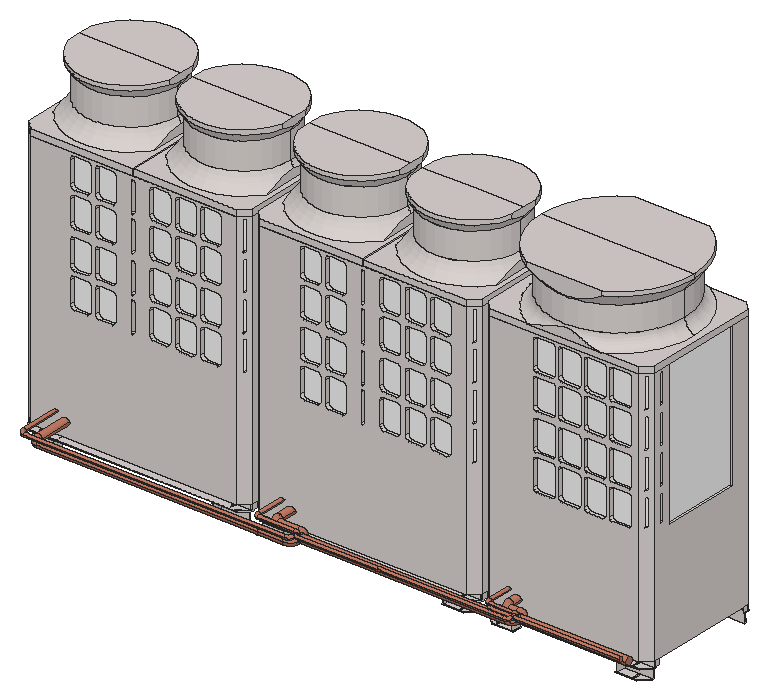
Revit family "PUHY-EP1000YSNW-A", category Mechanical Equipment, Revit 2012 (continued)
Definition of nested family "PUHY-EP250YNW-A"
  Forms (mm)
    Extrusion 7, void
      sketch origin (270, -370, -81) x (1, 0, 0) y (0, 0, -1)
        loop
          arc (-35, -1238.676) -> (-40.858, -1224.534) -> (-55, -1218.676) r 20
          line (-55, -1218.676) -> (-139.8, -1218.676)
          arc (-139.8, -1218.676) -> (-153.942, -1224.534) -> (-159.8, -1238.676) r 20
          line (-159.8, -1238.676) -> (-159.8, -1373.5)
          arc (-159.8, -1373.5) -> (-153.942, -1387.642) -> (-139.8, -1393.5) r 20
          line (-139.8, -1393.5) -> (-55, -1393.5)
      from 0 to 20
    Extrusion 8, void
      sketch origin (130, -370, -81) x (1, 0, 0) y (0, 0, -1)
        loop
          arc (-55, -1393.5) -> (-40.858, -1387.642) -> (-35, -1373.5) r 20
          line (-35, -1373.5) -> (-35, -1238.676)
          arc (-35, -1238.676) -> (-40.858, -1224.534) -> (-55, -1218.676) r 20
          line (-55, -1218.676) -> (-139.8, -1218.676)
          arc (-139.8, -1218.676) -> (-153.942, -1224.534) -> (-159.8, -1238.676) r 20
          line (-159.8, -1238.676) -> (-159.8, -1373.5)
          arc (-159.8, -1373.5) -> (-153.942, -1387.642) -> (-139.8, -1393.5) r 20
          line (-139.8, -1393.5) -> (-55, -1393.5)
      from 0 to 20
    Extrusion 9, void
      sketch origin (-10, -370, -81) x (1, 0, 0) y (0, 0, -1)
        loop
          arc (-55, -1393.5) -> (-40.858, -1387.642) -> (-35, -1373.5) r 20
          line (-35, -1373.5) -> (-35, -1238.676)
          arc (-35, -1238.676) -> (-40.858, -1224.534) -> (-55, -1218.676) r 20
          line (-55, -1218.676) -> (-139.8, -1218.676)
          arc (-139.8, -1218.676) -> (-153.942, -1224.534) -> (-159.8, -1238.676) r 20
          line (-159.8, -1238.676) -> (-159.8, -1373.5)
          arc (-159.8, -1373.5) -> (-153.942, -1387.642) -> (-139.8, -1393.5) r 20
          line (-139.8, -1393.5) -> (-55, -1393.5)
      from 0 to 20
    Extrusion 10, void
      sketch origin (410, -370, -287) x (1, 0, 0) y (0, 0, -1)
        loop
          arc (-55, -1393.5) -> (-40.858, -1387.642) -> (-35, -1373.5) r 20
          line (-35, -1373.5) -> (-35, -1238.676)
          arc (-35, -1238.676) -> (-40.858, -1224.534) -> (-55, -1218.676) r 20
          line (-55, -1218.676) -> (-139.8, -1218.676)
          arc (-139.8, -1218.676) -> (-153.942, -1224.534) -> (-159.8, -1238.676) r 20
          line (-159.8, -1238.676) -> (-159.8, -1373.5)
          arc (-159.8, -1373.5) -> (-153.942, -1387.642) -> (-139.8, -1393.5) r 20
          line (-139.8, -1393.5) -> (-55, -1393.5)
      from 0 to 20
    Extrusion 11, void
      sketch origin (270, -370, -287) x (1, 0, 0) y (0, 0, -1)
        loop
          arc (-55, -1393.5) -> (-40.858, -1387.642) -> (-35, -1373.5) r 20
          line (-35, -1373.5) -> (-35, -1238.676)
          arc (-35, -1238.676) -> (-40.858, -1224.534) -> (-55, -1218.676) r 20
          line (-55, -1218.676) -> (-139.8, -1218.676)
          arc (-139.8, -1218.676) -> (-153.942, -1224.534) -> (-159.8, -1238.676) r 20
          line (-159.8, -1238.676) -> (-159.8, -1373.5)
          arc (-159.8, -1373.5) -> (-153.942, -1387.642) -> (-139.8, -1393.5) r 20
          line (-139.8, -1393.5) -> (-55, -1393.5)
      from 0 to 20
    Extrusion 12, void
      sketch origin (130, -370, -287) x (1, 0, 0) y (0, 0, -1)
        loop
          arc (-55, -1393.5) -> (-40.858, -1387.642) -> (-35, -1373.5) r 20
          line (-35, -1373.5) -> (-35, -1238.676)
          arc (-35, -1238.676) -> (-40.858, -1224.534) -> (-55, -1218.676) r 20
          line (-55, -1218.676) -> (-139.8, -1218.676)
          arc (-139.8, -1218.676) -> (-153.942, -1224.534) -> (-159.8, -1238.676) r 20
          line (-159.8, -1238.676) -> (-159.8, -1373.5)
          arc (-159.8, -1373.5) -> (-153.942, -1387.642) -> (-139.8, -1393.5) r 20
          line (-139.8, -1393.5) -> (-55, -1393.5)
      from 0 to 20
    Extrusion 13, void
      sketch origin (-10, -370, -287) x (1, 0, 0) y (0, 0, -1)
        loop
          arc (-55, -1393.5) -> (-40.858, -1387.642) -> (-35, -1373.5) r 20
          line (-35, -1373.5) -> (-35, -1238.676)
          arc (-35, -1238.676) -> (-40.858, -1224.534) -> (-55, -1218.676) r 20
          line (-55, -1218.676) -> (-139.8, -1218.676)
          arc (-139.8, -1218.676) -> (-153.942, -1224.534) -> (-159.8, -1238.676) r 20
          line (-159.8, -1238.676) -> (-159.8, -1373.5)
          arc (-159.8, -1373.5) -> (-153.942, -1387.642) -> (-139.8, -1393.5) r 20
          line (-139.8, -1393.5) -> (-55, -1393.5)
      from 0 to 20
    Extrusion 14, void
      sketch origin (410, -370, -481) x (1, 0, 0) y (0, 0, -1)
        loop
          arc (-55, -1393.5) -> (-40.858, -1387.642) -> (-35, -1373.5) r 20
          line (-35, -1373.5) -> (-35, -1238.676)
          arc (-35, -1238.676) -> (-40.858, -1224.534) -> (-55, -1218.676) r 20
          line (-55, -1218.676) -> (-139.8, -1218.676)
          arc (-139.8, -1218.676) -> (-153.942, -1224.534) -> (-159.8, -1238.676) r 20
          line (-159.8, -1238.676) -> (-159.8, -1373.5)
          arc (-159.8, -1373.5) -> (-153.942, -1387.642) -> (-139.8, -1393.5) r 20
          line (-139.8, -1393.5) -> (-55, -1393.5)
      from 0 to 20
    Extrusion 15, void
      sketch origin (270, -370, -481) x (1, 0, 0) y (0, 0, -1)
        loop
          arc (-55, -1393.5) -> (-40.858, -1387.642) -> (-35, -1373.5) r 20
          line (-35, -1373.5) -> (-35, -1238.676)
          arc (-35, -1238.676) -> (-40.858, -1224.534) -> (-55, -1218.676) r 20
          line (-55, -1218.676) -> (-139.8, -1218.676)
          arc (-139.8, -1218.676) -> (-153.942, -1224.534) -> (-159.8, -1238.676) r 20
          line (-159.8, -1238.676) -> (-159.8, -1373.5)
          arc (-159.8, -1373.5) -> (-153.942, -1387.642) -> (-139.8, -1393.5) r 20
          line (-139.8, -1393.5) -> (-55, -1393.5)
      from 0 to 20
    Extrusion 16, void
      sketch origin (130, -370, -481) x (1, 0, 0) y (0, 0, -1)
        loop
          arc (-55, -1393.5) -> (-40.858, -1387.642) -> (-35, -1373.5) r 20
          line (-35, -1373.5) -> (-35, -1238.676)
          arc (-35, -1238.676) -> (-40.858, -1224.534) -> (-55, -1218.676) r 20
          line (-55, -1218.676) -> (-139.8, -1218.676)
          arc (-139.8, -1218.676) -> (-153.942, -1224.534) -> (-159.8, -1238.676) r 20
          line (-159.8, -1238.676) -> (-159.8, -1373.5)
          arc (-159.8, -1373.5) -> (-153.942, -1387.642) -> (-139.8, -1393.5) r 20
          line (-139.8, -1393.5) -> (-55, -1393.5)
      from 0 to 20
    Extrusion 17, void
      sketch origin (-10, -370, -481) x (1, 0, 0) y (0, 0, -1)
        loop
          arc (-55, -1393.5) -> (-40.858, -1387.642) -> (-35, -1373.5) r 20
          line (-35, -1373.5) -> (-35, -1238.676)
          arc (-35, -1238.676) -> (-40.858, -1224.534) -> (-55, -1218.676) r 20
          line (-55, -1218.676) -> (-139.8, -1218.676)
          arc (-139.8, -1218.676) -> (-153.942, -1224.534) -> (-159.8, -1238.676) r 20
          line (-159.8, -1238.676) -> (-159.8, -1373.5)
          arc (-159.8, -1373.5) -> (-153.942, -1387.642) -> (-139.8, -1393.5) r 20
          line (-139.8, -1393.5) -> (-55, -1393.5)
      from 0 to 20
    Extrusion 18, solid
      sketch origin (0, -189, -3) x (0, 0, -1) y (-1, 0, 0)
        loop
          circle (-179, 217) r 11.1
      from 0 to 150
    Extrusion 19, solid
      sketch origin (0, -172, -3) x (0, 0, -1) y (-1, 0, 0)
        loop
          circle (-179, 300) r 4.76
      from 0 to 150
    Extrusion 20, void
      sketch origin (-460, -320, 113) x (0, -1, 0) y (0, 0, -1)
        loop
          line (-611.5, -1236.511) -> (-611.5, -1386.5)
          arc (-611.5, -1386.5) -> (-601.5, -1396.5) -> (-591.5, -1386.5) r 10
          line (-591.5, -1386.5) -> (-591.5, -1236.511)
          arc (-591.5, -1236.511) -> (-601.5, -1226.511) -> (-611.5, -1236.511) r 10
      from 0 to 20
    Extrusion 21, void
      sketch origin (-460, -320, -87.006) x (0, -1, 0) y (0, 0, -1)
        loop
          line (-611.5, -1236.511) -> (-611.5, -1386.5)
          arc (-611.5, -1386.5) -> (-601.5, -1396.5) -> (-591.5, -1386.5) r 10
          line (-591.5, -1386.5) -> (-591.5, -1236.511)
          arc (-591.5, -1236.511) -> (-601.5, -1226.511) -> (-611.5, -1236.511) r 10
      from 0 to 20
    Extrusion 22, void
      sketch origin (-460, -320, -287.006) x (0, -1, 0) y (0, 0, -1)
        loop
          line (-611.5, -1236.511) -> (-611.5, -1386.5)
          arc (-611.5, -1386.5) -> (-601.5, -1396.5) -> (-591.5, -1386.5) r 10
          line (-591.5, -1386.5) -> (-591.5, -1236.511)
          arc (-591.5, -1236.511) -> (-601.5, -1226.511) -> (-611.5, -1236.511) r 10
      from 0 to 20
    Extrusion 23, void
      sketch origin (-460, -320, -479.506) x (0, -1, 0) y (0, 0, -1)
        loop
          line (-611.5, -1244.006) -> (-611.5, -1379.006)
          arc (-611.5, -1379.006) -> (-601.5, -1389.006) -> (-591.5, -1379.006) r 10
          line (-591.5, -1379.006) -> (-591.5, -1244.006)
          arc (-591.5, -1244.006) -> (-601.5, -1234.006) -> (-611.5, -1244.006) r 10
      from 0 to 20
    Extrusion 24, void
      sketch origin (-460, -320, 113) x (0, -1, 0) y (0, 0, -1)
        loop
          line (-543, -1408) -> (-215, -1408) -> (-215, -632) -> (-543, -632) -> (-543, -1408)
      from 0 to 20
    Extrusion 25, void
      sketch origin (-410, 370, 113) x (0.707107, 0.707107, 0) y (0, 0, 1)
        loop
          line (-27.158, 1236.539) -> (-27.158, 1386.461)
          arc (-27.158, 1386.461) -> (-37.158, 1396.461) -> (-47.158, 1386.461) r 10
          line (-47.158, 1386.461) -> (-47.158, 1236.539)
          arc (-47.158, 1236.539) -> (-37.158, 1226.539) -> (-27.158, 1236.539) r 10
        loop
          line (-27.158, 1036.539) -> (-27.158, 1186.461)
          arc (-27.158, 1186.461) -> (-37.158, 1196.461) -> (-47.158, 1186.461) r 10
          line (-47.158, 1186.461) -> (-47.158, 1036.539)
          arc (-47.158, 1036.539) -> (-37.158, 1026.539) -> (-27.158, 1036.539) r 10
        loop
          line (-27.158, 836.539) -> (-27.158, 986.461)
          arc (-27.158, 986.461) -> (-37.158, 996.461) -> (-47.158, 986.461) r 10
          line (-47.158, 986.461) -> (-47.158, 836.539)
          arc (-47.158, 836.539) -> (-37.158, 826.539) -> (-27.158, 836.539) r 10
        loop
          line (-27.158, 652.5) -> (-27.158, 785.5)
          arc (-27.158, 785.5) -> (-37.158, 795.5) -> (-47.158, 785.5) r 10
          line (-47.158, 785.5) -> (-47.158, 652.5)
          arc (-47.158, 652.5) -> (-37.158, 642.5) -> (-27.158, 652.5) r 10
      from 0 to 20
    Extrusion 26, void
      sketch origin (460, -320, 113) x (0.707107, 0.707107, 0) y (0, 0, -1)
        loop
          arc (-25.5, -1236.423) -> (-35.5, -1226.423) -> (-45.5, -1236.423) r 10
          line (-45.5, -1236.423) -> (-45.5, -1386.487)
          arc (-45.5, -1386.487) -> (-35.5, -1396.487) -> (-25.5, -1386.487) r 10
          line (-25.5, -1386.487) -> (-25.5, -1236.423)
      from 0 to 20
    Extrusion 27, void
      sketch origin (460, -320, -86.884) x (0.707107, 0.707107, 0) y (0, 0, -1)
        loop
          arc (-25.5, -1236.423) -> (-35.5, -1226.423) -> (-45.5, -1236.423) r 10
          line (-45.5, -1236.423) -> (-45.5, -1386.487)
          arc (-45.5, -1386.487) -> (-35.5, -1396.487) -> (-25.5, -1386.487) r 10
          line (-25.5, -1386.487) -> (-25.5, -1236.423)
      from 0 to 20
    Extrusion 28, void
      sketch origin (460, -320, -286.884) x (0.707107, 0.707107, 0) y (0, 0, -1)
        loop
          arc (-25.5, -1236.423) -> (-35.5, -1226.423) -> (-45.5, -1236.423) r 10
          line (-45.5, -1236.423) -> (-45.5, -1386.487)
          arc (-45.5, -1386.487) -> (-35.5, -1396.487) -> (-25.5, -1386.487) r 10
          line (-25.5, -1386.487) -> (-25.5, -1236.423)
      from 0 to 20
    Extrusion 29, void
      sketch origin (460, -320, -487.987) x (0.707107, 0.707107, 0) y (0, 0, -1)
        loop
          arc (-25.5, -1253.487) -> (-35.5, -1243.487) -> (-45.5, -1253.487) r 10
          line (-45.5, -1253.487) -> (-45.5, -1386.487)
          arc (-45.5, -1386.487) -> (-35.5, -1396.487) -> (-25.5, -1386.487) r 10
          line (-25.5, -1386.487) -> (-25.5, -1253.487)
      from 0 to 20
    Extrusion 30, void
      sketch origin (460, 320, 113) x (0, 1, 0) y (0, 0, -1)
        loop
          line (-604, -1236.423) -> (-604, -1386.487)
          arc (-604, -1386.487) -> (-594, -1396.487) -> (-584, -1386.487) r 10
          line (-584, -1386.487) -> (-584, -1236.423)
          arc (-584, -1236.423) -> (-594, -1226.423) -> (-604, -1236.423) r 10
        loop
          line (-604, -1036.539) -> (-604, -1186.603)
          arc (-604, -1186.603) -> (-594, -1196.603) -> (-584, -1186.603) r 10
          line (-584, -1186.603) -> (-584, -1036.539)
          arc (-584, -1036.539) -> (-594, -1026.539) -> (-604, -1036.539) r 10
        loop
          line (-604, -836.539) -> (-604, -986.603)
          arc (-604, -986.603) -> (-594, -996.603) -> (-584, -986.603) r 10
          line (-584, -986.603) -> (-584, -836.539)
          arc (-584, -836.539) -> (-594, -826.539) -> (-604, -836.539) r 10
        loop
          line (-604, -652.5) -> (-604, -785.5)
          arc (-604, -785.5) -> (-594, -795.5) -> (-584, -785.5) r 10
          line (-584, -785.5) -> (-584, -652.5)
          arc (-584, -652.5) -> (-594, -642.5) -> (-604, -652.5) r 10
      from 0 to 20
    Extrusion 31, void
      sketch origin (460, 320, 113) x (0, 1, 0) y (0, 0, -1)
        loop
          line (-542, -1408) -> (-100, -1408) -> (-100, -611.5) -> (-542, -611.5) -> (-542, -1408)
      from 0 to 20
    Extrusion 32, void
      sketch origin (-410, 370, 113) x (-1, 0, 0) y (0, 0, -1)
        loop
          line (-718, -1408) -> (-47, -1408) -> (-47, -613) -> (-718, -613) -> (-718, -1408)
      from 0 to 20
  Cuts and joins
    Extrusion 2, Extrusion 3, Extrusion 4, Extrusion 5, Extrusion 6, Extrusion 7, Extrusion 8, Extrusion 9, Extrusion 10, Extrusion 11, Extrusion 12, Extrusion 13, Extrusion 14, Extrusion 15, Extrusion 16, Extrusion 17, Extrusion 20, Extrusion 21, Extrusion 22, Extrusion 23, Extrusion 24, Extrusion 25, Extrusion 26, Extrusion 27, Extrusion 28, Extrusion 29, Extrusion 30, Extrusion 31, Extrusion 32 cuts Extrusion 1
  Lines and regions (mm)
    model lines
      curve 1: line (-390, -370, 716) -> (390, -370, 716)
      curve 2: line (-390, -370, 1521) -> (-390, -370, 95)
      curve 3: line (390, -370, 1521) -> (390, -370, 95)
      curve 4: line (-172, -370, 95) -> (-172, -370, 207.5)
      curve 5: line (390, -370, 224.5) -> (199, -370, 224.5)
      curve 6: line (172, -370, 197.5) -> (172, -370, 95)
      curve 7: arc (-189, -370, 224.5) -> (-176.979, -370, 219.521) -> (-172, -370, 207.5) r 17
      curve 8: arc (199, -370, 224.5) -> (179.908, -370, 216.592) -> (172, -370, 197.5) r 27
      curve 9: line (-192, -291, 95) -> (-322, -291, 95)
      curve 10: line (-182, -207, 95) -> (-182, -281, 95)
      curve 11: line (-322, -197, 95) -> (-192, -197, 95)
      curve 12: line (-332, -281, 95) -> (-332, -207, 95)
      curve 13: arc (-332, -281, 95) -> (-329.071, -288.071, 95) -> (-322, -291, 95) r 10
      curve 14: arc (-192, -291, 95) -> (-184.929, -288.071, 95) -> (-182, -281, 95) r 10
      curve 15: arc (-182, -207, 95) -> (-184.929, -199.929, 95) -> (-192, -197, 95) r 10
      curve 16: arc (-322, -197, 95) -> (-329.071, -199.929, 95) -> (-332, -207, 95) r 10
      curve 25: line (-219, -370, 1521) -> (-219, -370, 716)
      curve 26: line (-189, -370, 224.5) -> (-390, -370, 224.5)
      curve 27: circle (308, -185, 95) r 26 normal (0, 0, 1)
      curve 28: circle (288, -260, 95) r 32.5 normal (0, 0, 1)
      curve 29: circle (244, -204, 95) r 17 normal (0, 0, 1)
      curve 30: line (-460, 243, 1521) -> (-460, 243, 95)
      curve 32: line (-460, 243, 705) -> (-460, -155, 705)
      curve 33: line (-460, -155, 95) -> (-460, -155, 1521)
      curve 34: line (-460, 223, 1521) -> (-460, 223, 705)
      curve 35: line (-460, -105, 1521) -> (-460, -105, 705)
      curve 36: line (-460, -95.983, 267.745) -> (-460, 184, 267.745)
      curve 37: line (-460, 184, 247.745) -> (-460, -95.983, 247.745)
      curve 38: arc (-460, -95.983, 247.745) -> (-460, -105.983, 257.745) -> (-460, -95.983, 267.745) r 10
      curve 39: arc (-460, 184, 267.745) -> (-460, 194, 257.745) -> (-460, 184, 247.745) r 10
      curve 40: line (-460, -95.983, 372.745) -> (-460, 184, 372.745)
      curve 41: line (-460, 184, 352.745) -> (-460, -95.983, 352.745)
      curve 42: arc (-460, -95.983, 352.745) -> (-460, -105.983, 362.745) -> (-460, -95.983, 372.745) r 10
      curve 43: arc (-460, 184, 372.745) -> (-460, 194, 362.745) -> (-460, 184, 352.745) r 10
      curve 44: line (-460, -95.983, 477.745) -> (-460, 184, 477.745)
      curve 45: line (-460, 184, 457.745) -> (-460, -95.983, 457.745)
      curve 46: arc (-460, -95.983, 457.745) -> (-460, -105.983, 467.745) -> (-460, -95.983, 477.745) r 10
      curve 47: arc (-460, 184, 477.745) -> (-460, 194, 467.745) -> (-460, 184, 457.745) r 10
      curve 48: line (-460, -95.983, 582.745) -> (-460, 184, 582.745)
      curve 49: line (-460, 184, 562.745) -> (-460, -95.983, 562.745)
      curve 50: arc (-460, -95.983, 562.745) -> (-460, -105.983, 572.745) -> (-460, -95.983, 582.745) r 10
      curve 51: arc (-460, 184, 582.745) -> (-460, 194, 572.745) -> (-460, 184, 562.745) r 10
      curve 52: line (-110, -370, 269) -> (110, -370, 269)
      curve 53: line (110, -370, 249) -> (-110, -370, 249)
      curve 54: arc (-120, -370, 259) -> (-117.071, -370, 266.071) -> (-110, -370, 269) r 10
      curve 55: arc (-110, -370, 249) -> (-117.071, -370, 251.929) -> (-120, -370, 259) r 10
      curve 56: arc (110, -370, 269) -> (117.071, -370, 266.071) -> (120, -370, 259) r 10
      curve 57: arc (120, -370, 259) -> (117.071, -370, 251.929) -> (110, -370, 249) r 10
      curve 58: line (-222.5, -370, 584) -> (222.5, -370, 584)
      curve 59: line (222.5, -370, 564) -> (-222.5, -370, 564)
      curve 60: arc (-222.5, -370, 584) -> (-229.571, -370, 581.071) -> (-232.5, -370, 574) r 10
      curve 61: arc (222.5, -370, 584) -> (229.571, -370, 581.071) -> (232.5, -370, 574) r 10
      curve 62: arc (232.5, -370, 574) -> (229.571, -370, 566.929) -> (222.5, -370, 564) r 10
      curve 63: arc (-222.5, -370, 564) -> (-229.571, -370, 566.929) -> (-232.5, -370, 574) r 10
      curve 64: line (-222.5, -370, 479) -> (222.5, -370, 479)
      curve 65: line (222.5, -370, 459) -> (-222.5, -370, 459)
      curve 66: arc (-222.5, -370, 479) -> (-229.571, -370, 476.071) -> (-232.5, -370, 469) r 10
      curve 67: arc (222.5, -370, 479) -> (229.571, -370, 476.071) -> (232.5, -370, 469) r 10
      curve 68: arc (232.5, -370, 469) -> (229.571, -370, 461.929) -> (222.5, -370, 459) r 10
      curve 69: arc (-222.5, -370, 459) -> (-229.571, -370, 461.929) -> (-232.5, -370, 469) r 10
      curve 70: line (-222.5, -370, 374) -> (222.5, -370, 374)
      curve 71: line (222.5, -370, 354) -> (-222.5, -370, 354)
      curve 72: arc (-222.5, -370, 374) -> (-229.571, -370, 371.071) -> (-232.5, -370, 364) r 10
      curve 73: arc (222.5, -370, 374) -> (229.571, -370, 371.071) -> (232.5, -370, 364) r 10
      curve 74: arc (232.5, -370, 364) -> (229.571, -370, 356.929) -> (222.5, -370, 354) r 10
      curve 75: arc (-222.5, -370, 354) -> (-229.571, -370, 356.929) -> (-232.5, -370, 364) r 10
      curve 76: line (460, -237.5, 1521) -> (460, -237.5, 95)
      curve 77: line (460, -237.5, 705) -> (460, 236.5, 705)
      curve 78: line (460, -237.5, 724.5) -> (460, 236.5, 724.5)
      curve 79: line (460, 236.5, 1521) -> (460, 236.5, 95)
      curve 80: line (327.5, 370, 1521) -> (327.5, 370, 95)
      curve 81: line (308, 370, 1521) -> (308, 370, 706)
      curve 82: line (327.5, 370, 706) -> (-382.5, 370, 706)
      curve 83: line (-382.5, 370, 1521) -> (-382.5, 370, 95)
      curve 84: line (-363, 370, 1521) -> (-363, 370, 706)
      curve 85: line (460, -140.491, 267.745) -> (460, 139.491, 267.745)
      curve 86: line (460, 139.491, 247.745) -> (460, -140.491, 247.745)
      curve 87: arc (460, -140.491, 247.745) -> (460, -150.491, 257.745) -> (460, -140.491, 267.745) r 10
      curve 88: arc (460, 139.491, 267.745) -> (460, 149.491, 257.745) -> (460, 139.491, 247.745) r 10
      curve 89: line (460, -140.491, 372.745) -> (460, 139.491, 372.745)
      curve 90: line (460, 139.491, 352.745) -> (460, -140.491, 352.745)
      curve 91: arc (460, -140.491, 352.745) -> (460, -150.491, 362.745) -> (460, -140.491, 372.745) r 10
      curve 92: arc (460, 139.491, 372.745) -> (460, 149.491, 362.745) -> (460, 139.491, 352.745) r 10
      curve 93: line (460, -140.491, 477.745) -> (460, 139.491, 477.745)
      curve 94: line (460, 139.491, 457.745) -> (460, -140.491, 457.745)
      curve 95: arc (460, -140.491, 457.745) -> (460, -150.491, 467.745) -> (460, -140.491, 477.745) r 10
      curve 96: arc (460, 139.491, 477.745) -> (460, 149.491, 467.745) -> (460, 139.491, 457.745) r 10
      curve 97: line (460, -140.491, 582.745) -> (460, 139.491, 582.745)
      curve 98: line (460, 139.491, 562.745) -> (460, -140.491, 562.745)
      curve 99: arc (460, -140.491, 562.745) -> (460, -150.491, 572.745) -> (460, -140.491, 582.745) r 10
      curve 100: arc (460, 139.491, 582.745) -> (460, 149.491, 572.745) -> (460, 139.491, 562.745) r 10
      curve 101: line (-222.5, 370, 584) -> (222.5, 370, 584)
      curve 102: line (222.5, 370, 564) -> (-222.5, 370, 564)
      curve 103: arc (-222.5, 370, 584) -> (-229.571, 370, 581.071) -> (-232.5, 370, 574) r 10
      curve 104: arc (222.5, 370, 584) -> (229.571, 370, 581.071) -> (232.5, 370, 574) r 10
      curve 105: arc (232.5, 370, 574) -> (229.571, 370, 566.929) -> (222.5, 370, 564) r 10
      curve 106: arc (-222.5, 370, 564) -> (-229.571, 370, 566.929) -> (-232.5, 370, 574) r 10
      curve 107: line (-222.5, 370, 479) -> (222.5, 370, 479)
      curve 108: line (222.5, 370, 459) -> (-222.5, 370, 459)
      curve 109: arc (-222.5, 370, 479) -> (-229.571, 370, 476.071) -> (-232.5, 370, 469) r 10
      curve 110: arc (222.5, 370, 479) -> (229.571, 370, 476.071) -> (232.5, 370, 469) r 10
      curve 111: arc (232.5, 370, 469) -> (229.571, 370, 461.929) -> (222.5, 370, 459) r 10
      curve 112: arc (-222.5, 370, 459) -> (-229.571, 370, 461.929) -> (-232.5, 370, 469) r 10
      curve 113: line (-222.5, 370, 374) -> (222.5, 370, 374)
      curve 114: line (222.5, 370, 354) -> (-222.5, 370, 354)
      curve 115: arc (-222.5, 370, 374) -> (-229.571, 370, 371.071) -> (-232.5, 370, 364) r 10
      curve 116: arc (222.5, 370, 374) -> (229.571, 370, 371.071) -> (232.5, 370, 364) r 10
      curve 117: arc (232.5, 370, 364) -> (229.571, 370, 356.929) -> (222.5, 370, 354) r 10
      curve 118: arc (-222.5, 370, 354) -> (-229.571, 370, 356.929) -> (-232.5, 370, 364) r 10
      curve 119: line (-222.5, 370, 269) -> (222.5, 370, 269)
      curve 120: line (222.5, 370, 249) -> (-222.5, 370, 249)
      curve 121: arc (-222.5, 370, 269) -> (-229.571, 370, 266.071) -> (-232.5, 370, 259) r 10
      curve 122: arc (222.5, 370, 269) -> (229.571, 370, 266.071) -> (232.5, 370, 259) r 10
      curve 123: arc (232.5, 370, 259) -> (229.571, 370, 251.929) -> (222.5, 370, 249) r 10
      curve 124: arc (-222.5, 370, 249) -> (-229.571, 370, 251.929) -> (-232.5, 370, 259) r 10
      curve 125: line (-325, -370, 131) -> (-197, -370, 131)
      curve 126: line (-335, -370, 205) -> (-335, -370, 141)
      curve 127: line (-197, -370, 215) -> (-325, -370, 215)
      curve 128: line (-187, -370, 141) -> (-187, -370, 205)
      curve 129: arc (-335, -370, 205) -> (-332.071, -370, 212.071) -> (-325, -370, 215) r 10
      curve 130: arc (-197, -370, 215) -> (-189.929, -370, 212.071) -> (-187, -370, 205) r 10
      curve 131: arc (-335, -370, 141) -> (-332.071, -370, 133.929) -> (-325, -370, 131) r 10
      curve 132: arc (-197, -370, 131) -> (-189.929, -370, 133.929) -> (-187, -370, 141) r 10
      curve 133: circle (328, -370, 170) r 20 normal (0, -1, 0)
      curve 134: circle (328, -370, 170) r 32.5 normal (0, -1, 0)
      curve 135: circle (253, -370, 185) r 13.5 normal (0, -1, 0)
      curve 136: circle (253, -370, 185) r 26 normal (0, -1, 0)
      curve 137: circle (204, -370, 150) r 17 normal (0, -1, 0)
    model lines, not visible
      curve 17: line (487.5, -370, 703) -> (492.5, -370, 703)
      curve 18: line (477.5, -370, 363) -> (477.5, -370, 693)
      curve 19: line (492.5, -370, 353) -> (487.5, -370, 353)
      curve 20: line (502.5, -370, 693) -> (502.5, -370, 363)
      curve 21: arc (487.5, -370, 703) -> (480.429, -370, 700.071) -> (477.5, -370, 693) r 10
      curve 22: arc (492.5, -370, 703) -> (499.571, -370, 700.071) -> (502.5, -370, 693) r 10
      curve 23: arc (502.5, -370, 363) -> (499.571, -370, 355.929) -> (492.5, -370, 353) r 10
      curve 24: arc (477.5, -370, 363) -> (480.429, -370, 355.929) -> (487.5, -370, 353) r 10
    reference lines
      curve 31: line (-410, 370, 0) -> (-460, 320, 0)
  Dimensions and locks
    nested 1 to level = 1858 mm
    nested 1 to nested 1 = 303 mm
    nested 5 to nested 5 = 60 mm
    nested 1 to nested 2 = 1495 mm
    Extrusion 1 to Extrusion 1 = 920 mm
    Extrusion 2 sketch curve to Extrusion 2 sketch curve = 174.824 mm
    Extrusion 3 sketch curve to Extrusion 3 sketch curve = 174.824 mm
    equal spacing: group 5, group 4, group 3, group 2
    equal spacing: group 2, group 3, group 4, group 5  (x2)
    Extrusion 4 sketch curve to Extrusion 4 sketch curve = 174.824 mm
    Extrusion 5 sketch curve to Extrusion 5 sketch curve = 174.824 mm
    Extrusion 6 sketch curve to Extrusion 6 sketch curve = 174.824 mm
    Extrusion 7 sketch curve to Extrusion 7 sketch curve = 174.824 mm
    Extrusion 8 sketch curve to Extrusion 8 sketch curve = 174.824 mm
    Extrusion 9 sketch curve to Extrusion 9 sketch curve = 174.824 mm
    Extrusion 10 sketch curve to Extrusion 10 sketch curve = 174.824 mm
    Extrusion 11 sketch curve to Extrusion 11 sketch curve = 174.824 mm
    Extrusion 12 sketch curve to Extrusion 12 sketch curve = 174.824 mm
    Extrusion 13 sketch curve to Extrusion 13 sketch curve = 174.824 mm
    Extrusion 14 sketch curve to Extrusion 14 sketch curve = 174.824 mm
    Extrusion 15 sketch curve to Extrusion 15 sketch curve = 174.824 mm
    Extrusion 16 sketch curve to Extrusion 16 sketch curve = 174.824 mm
    Extrusion 17 sketch curve to Extrusion 17 sketch curve = 174.824 mm
    cut or joined group 1 (Extrusion 1, Extrusion 2, Extrusion 3, Extrusion 4, Extrusion 5, Extrusion 6, Extrusion 7, Extrusion 8, Extrusion 9, Extrusion 10, Extrusion 11, Extrusion 12, Extrusion 13, Extrusion 14, Extrusion 15, Extrusion 16, Extrusion 17, Extrusion 20, Extrusion 21, Extrusion 22, Extrusion 23, Extrusion 24, Extrusion 25, Extrusion 26, Extrusion 27, Extrusion 28, Extrusion 29, Extrusion 30, Extrusion 31, Extrusion 32) to cut or joined group 1 = 820 mm
    cut or joined group 1 to cut or joined group 1 = 920 mm
    cut or joined group 1 to cut or joined group 1 = 740 mm
    nested 5 to cut or joined group 1 = 80 mm
    cut or joined group 1 to nested 4 to nested 5 = 80 mm, 760 mm
    cut or joined group 1 to nested 2 = 29.5 mm
    cut or joined group 1 to nested 3 to nested 2 = 29.5 mm, 681 mm
    cut or joined group 1 to cut or joined group 1 = 35 mm
    plane 6 "44" to cut or joined group 1 = 3.536 mm
    Extrusion 25 sketch curve to Extrusion 25 sketch curve = 20 mm
    cut or joined group 1 to cut or joined group 1 = 50 mm
    locked: Extrusion 19 to nested 2 at 116
    curve 137 to nested 2 = 90 mm
    curve 135 to nested 2 = 125 mm
    curve 133 to nested 2 = 110 mm
    cut or joined group 1 to curve 133 = 132 mm
    cut or joined group 1 to curve 135 = 207 mm
    cut or joined group 1 to curve 137 = 256 mm
    cut or joined group 1 to curve 126 to curve 128 = 125 mm, 148 mm
    curve 127 to curve 125 to nested 2 = 84 mm, 71 mm
    cut or joined group 1 to Extrusion 19 = 198 mm
    cut or joined group 1 to Extrusion 18 = 181 mm
    cut or joined group 1 to curve 29 = 166 mm
    cut or joined group 1 to curve 27 = 185 mm
    cut or joined group 1 to curve 28 = 110 mm
    curve 27 to cut or joined group 1 = 152 mm
    curve 28 to cut or joined group 1 = 172 mm
    curve 29 to cut or joined group 1 = 216 mm
    cut or joined group 1 to curve 9 to curve 11 = 79 mm, 94 mm
    cut or joined group 1 to curve 12 to curve 10 = 128 mm, 150 mm
    cut or joined group 1 to plane 10 = 160 mm
    cut or joined group 1 to plane 11 = 243 mm
    nested 4 to nested 4 = 60 mm
    cut or joined group 1 to nested 2 = 32 mm
    nested 4 to nested 4 = 56 mm
    nested 2 to nested 2 to nested 2 = 20 mm, 54 mm
    nested 3 to nested 2 = 592 mm
    nested 3 to nested 3 = 20 mm
    aligned and locked: level to plane 2
    aligned and locked: nested 2 to nested 4
    aligned and locked: nested 2 to nested 5
  Nested families
    nested 1: "FAN GUARD" at (0, 0, 861), type "FAN GUARD"
      with WIDTH 920 mm
    nested 2: "BASE LEG" at (0, -352, 60), type "BASE LEG"
      with Width 920 mm
    nested 3: "BASE LEG" at (0, 352, 60), type "BASE LEG"
      with Width 920 mm
    nested 4: "ATTACHMENT LEG" at (-374, -349, 0), type "ATTACHMENT LEG"
    nested 5: "ATTACHMENT LEG" at (374, -349, 0) x (-1, 0, 0) z (0, 0, 1), type "ATTACHMENT LEG"
    nested 6: "ATTACHMENT LEG" at (-374, 349, 0), type "ATTACHMENT LEG"
    nested 7: "ATTACHMENT LEG" at (374, 349, 0) x (-1, 0, 0) z (0, 0, 1), type "ATTACHMENT LEG"
  Connectors
    piping at (-217, -189, 176), driven by "Gas pipe_radius"
      settings: on Extrusion 18, index 3, connector radius 11.1 mm, flow factor 0, pipe flow 0.0 L/s, pressure drop 0.0 Pa, fitting loss kfactor 0, connector angle 0.00°, fixture units 0, engagement length 0 mm, flow configuration 0, flow direction 0, fitting loss method 0, system type 22, joint type 0, gender type 0, connector reference index -1, connector utility 0, adjustable connector no, is connector primary yes, fitting loss table "", connector description "Refrigerant service valve (gas)"
    piping at (-300, -172, 176), driven by "Liquid pipe_radius"
      settings: on Extrusion 19, index 4, connector radius 4.76 mm, flow factor 0, pipe flow 0.0 L/s, pressure drop 0.0 Pa, fitting loss kfactor 0, connector angle 0.00°, fixture units 0, engagement length 0 mm, flow configuration 0, flow direction 0, fitting loss method 0, system type 22, joint type 0, gender type 0, connector reference index -1, connector utility 0, adjustable connector no, is connector primary no, fitting loss table "", connector description "Refrigerant service valve (Liquid)"
    electrical at (0, -370, 808)
      settings: on cut or joined group 1, index 5, voltage 415 V, apparent load 0 VA, apparent load phase1 0 VA, apparent load phase2 0 VA, apparent load phase3 0 VA, power factor 1, load classification "HVAC", number of poles 3, system type 30, power factor state 1, is connector primary yes, connector utility no, sub classification motor no, connector description ""
  Definition of nested family "FAN GUARD"
    Parameters (values of type "FAN GUARD")
      WIDTH [instance] = 920 mm
    Reference planes
      plane 1 "中心(正面/背面)": y = 0
      plane 2: z = 0
      plane 3 "中心(左/右)": x = 0
      plane 4 "ファンガード基準面": z = 660
      plane 5: y = 370
      plane 6: y = -370
      plane 7: x = 460
      plane 8: x = -460
      plane 9 "ファンガード基準上面": z = 694
      plane 10 "ファンガード上面": z = 997
    Forms (mm)
      Extrusion 1, solid, material "Paint_5Y 8/1"
        sketch origin (0, 0, 660) x (-1, 0, 0) y (0, -1, 0)
          loop
            line (410, -370) -> (460, -320) -> (460, 320) -> (410, 370) -> (-410, 370) -> (-460, 320) -> (-460, -320) -> (-410, -370) -> (410, -370)
        from 0 to 34
      Revolve 2, solid, material "Paint_5Y 8/1"
        sketch origin (0, 0, 0) x (1, 0, 0) y (0, 0, 1)
          loop
            line (0, 694) -> (0, 997) -> (-423, 997) -> (-423, 973) -> (-368.829, 903.664) -> (-368.829, 764.141)
            arc (-368.829, 764.141) -> (-384.109, 719.678) -> (-423.494, 694) r 72.332
            line (-423.494, 694) -> (0, 694)
          axis (0, 997) -> (0, 694)
        angle from 0 to 360
      Extrusion 3, void
        sketch origin (0, 0, 694) x (-1, 0, 0) y (0, -1, 0)
          loop
            line (345, -370) -> (-345, -370) -> (-345, -545) -> (345, -545) -> (345, -370)
          loop
            line (345, 370) -> (345, 539.592) -> (-345, 539.592) -> (-345, 370) -> (345, 370)
        from 0 to 400
    Cuts and joins
      Extrusion 3 cuts Revolve 2
    Lines and regions (mm)
      model lines
        curve 1: line (-423, 0, 997) -> (-80, 0, 997)
        curve 2: line (80, 0, 997) -> (423, 0, 997)
        curve 3: circle (0, 0, 997) r 80 normal (0, 0, 1)
        curve 4: line (-415.366, -80, 997) -> (415.366, -80, 997)
        curve 5: line (-391.572, -160, 997) -> (391.572, -160, 997)
        curve 6: line (-348.323, -240, 997) -> (348.323, -240, 997)
        curve 7: line (-276.639, -320, 997) -> (276.639, -320, 997)
        curve 8: line (-415.366, 80, 997) -> (415.366, 80, 997)
        curve 9: line (-391.572, 160, 997) -> (391.572, 160, 997)
        curve 10: line (-348.323, 240, 997) -> (348.323, 240, 997)
        curve 11: line (-276.639, 320, 997) -> (276.639, 320, 997)
        curve 12: line (0, 370, 997) -> (0, -370, 997)
        curve 13: line (-20, 370, 997) -> (-20, -370, 997)
        curve 14: line (-40, 370, 997) -> (-40, -370, 997)
        curve 15: line (-60, 370, 997) -> (-60, -370, 997)
        curve 16: line (-80, 370, 997) -> (-80, -370, 997)
        curve 17: line (20, 370, 997) -> (20, -370, 997)
        curve 18: line (40, 370, 997) -> (40, -370, 997)
        curve 19: line (60, 370, 997) -> (60, -370, 997)
        curve 20: line (80, 370, 997) -> (80, -370, 997)
        curve 21: line (100, 370, 997) -> (100, -370, 997)
        curve 22: line (120, 370, 997) -> (120, -370, 997)
        curve 23: line (140, 370, 997) -> (140, -370, 997)
        curve 24: line (160, 370, 997) -> (160, -370, 997)
        curve 25: line (180, 370, 997) -> (180, -370, 997)
        curve 26: line (200, 370, 997) -> (200, -370, 997)
        curve 27: line (220, 361.288, 997) -> (220, -361.288, 997)
        curve 28: line (240, 348.323, 997) -> (240, -348.323, 997)
        curve 29: line (260, 333.66, 997) -> (260, -333.66, 997)
        curve 30: line (280, 317.063, 997) -> (280, -317.063, 997)
        curve 31: line (300, 298.21, 997) -> (300, -298.21, 997)
        curve 32: line (320, 276.639, 997) -> (320, -276.639, 997)
        curve 33: line (340, 251.653, 997) -> (340, -251.653, 997)
        curve 34: line (360, 222.101, 997) -> (360, -222.101, 997)
        curve 35: line (380, 185.82, 997) -> (380, -185.82, 997)
        curve 36: line (400, 137.583, 997) -> (400, -137.583, 997)
        curve 37: line (420, 50.289, 997) -> (420, -50.289, 997)
        curve 38: line (-100, 370, 997) -> (-100, -370, 997)
        curve 39: line (-120, 370, 997) -> (-120, -370, 997)
        curve 40: line (-140, 370, 997) -> (-140, -370, 997)
        curve 41: line (-160, 370, 997) -> (-160, -370, 997)
        curve 42: line (-180, 370, 997) -> (-180, -370, 997)
        curve 43: line (-200, 370, 997) -> (-200, -370, 997)
        curve 44: line (-220, 361.288, 997) -> (-220, -361.288, 997)
        curve 45: line (-240, 348.323, 997) -> (-240, -348.323, 997)
        curve 46: line (-260, 333.66, 997) -> (-260, -333.66, 997)
        curve 47: line (-280, 317.063, 997) -> (-280, -317.063, 997)
        curve 48: line (-300, 298.21, 997) -> (-300, -298.21, 997)
        curve 49: line (-320, 276.639, 997) -> (-320, -276.639, 997)
        curve 50: line (-340, 251.653, 997) -> (-340, -251.653, 997)
        curve 51: line (-360, 222.101, 997) -> (-360, -222.101, 997)
        curve 52: line (-380, 185.82, 997) -> (-380, -185.82, 997)
        curve 53: line (-400, 137.583, 997) -> (-400, -137.583, 997)
        curve 54: line (-420, 50.289, 997) -> (-420, -50.289, 997)
        curve 55: line (10, 79.373, 997) -> (10, -79.373, 997)
        curve 56: line (-10, 79.373, 997) -> (-10, -79.373, 997)
        curve 57: line (30, 74.162, 997) -> (30, -74.162, 997)
        curve 58: line (50, 62.45, 997) -> (50, -62.45, 997)
        curve 59: line (70, 38.73, 997) -> (70, -38.73, 997)
        curve 60: line (-30, 74.162, 997) -> (-30, -74.162, 997)
        curve 61: line (-50, 62.45, 997) -> (-50, -62.45, 997)
        curve 62: line (-70, 38.73, 997) -> (-70, -38.73, 997)
    Dimensions and locks
      "WIDTH": plane 8 to plane 7
      locked: plane 6 to plane 5 at 740
      equal spacing: plane 8, plane 3 "中心(左/右)", plane 7
      equal spacing: plane 6, plane 1 "中心(正面/背面)", plane 5
      plane 3 "中心(左/右)" to Revolve 2 sketch curve = 423 mm
      locked: plane 10 "ファンガード上面" to plane 9 "ファンガード基準上面" at 303
      aligned and locked: level to plane 2
      aligned and locked: plane 5 to Extrusion 1 sketch curve
      aligned and locked: Extrusion 1 sketch curve to plane 6
      aligned and locked: plane 8 to Extrusion 1 sketch curve
      aligned and locked: plane 7 to Extrusion 1 sketch curve
      aligned and locked: plane 9 "ファンガード基準上面" to Extrusion 1
      aligned and locked: plane 4 "ファンガード基準面" to Extrusion 1
      aligned and locked: plane 9 "ファンガード基準上面" to Revolve 2 sketch curve
      aligned and locked: Revolve 2 sketch curve to plane 3 "中心(左/右)"
      aligned and locked: Extrusion 1 to Extrusion 3 sketch curve
      aligned and locked: Extrusion 3 sketch curve to Extrusion 1
      aligned and locked: cut or joined group of Revolve 2, Extrusion 3 to plane 10 "ファンガード上面"
    Automatic sketch dimensions
      Extrusion 1 sketch curve to plane 7 = 50 mm  (x2)
      plane 8 to Extrusion 1 sketch curve = 50 mm  (x2)
      plane 5 to Extrusion 1 sketch curve = 50 mm  (x2)
      Extrusion 1 sketch curve to plane 6 = 50 mm  (x2)
      plane 3 "中心(左/右)" to Extrusion 3 sketch curve = 345 mm  (x2)
      Extrusion 3 sketch curve to plane 3 "中心(左/右)" = 345 mm  (x2)
      Extrusion 3 sketch curve to Extrusion 3 sketch curve = 175 mm
      Extrusion 3 sketch curve to Extrusion 3 sketch curve = 169.592 mm
      plane 1 "中心(正面/背面)" to curve 2 = 0 mm
      plane 1 "中心(正面/背面)" to curve 3 = 0 mm
      curve 3 to plane 3 "中心(左/右)" = 0 mm
      curve 12 to plane 3 "中心(左/右)" = 0 mm
      plane 1 "中心(正面/背面)" to curve 1 = 0 mm
      plane 3 "中心(左/右)" to curve 55 = 10 mm
      curve 17 to curve 12 = 20 mm
      curve 57 to curve 55 = 20 mm
      curve 18 to curve 17 = 20 mm
      curve 58 to curve 57 = 20 mm
      curve 19 to curve 18 = 20 mm
      curve 59 to curve 58 = 20 mm
      curve 20 to curve 19 = 20 mm
      curve 2 to curve 59 = 10 mm
      curve 21 to curve 20 = 20 mm
      curve 22 to curve 21 = 20 mm
      curve 23 to curve 22 = 20 mm
      curve 24 to curve 23 = 20 mm
      curve 25 to curve 24 = 20 mm
      curve 26 to curve 25 = 20 mm
      curve 27 to curve 26 = 20 mm
      curve 28 to curve 27 = 20 mm
      curve 29 to curve 28 = 20 mm
      curve 11 to curve 29 = 16.639 mm
      curve 7 to curve 29 = 16.639 mm
      curve 30 to curve 7 = 3.361 mm
      curve 31 to curve 30 = 20 mm
      curve 32 to curve 31 = 20 mm
      curve 33 to curve 32 = 20 mm
      curve 6 to curve 33 = 8.323 mm
      curve 10 to curve 33 = 8.323 mm
      curve 34 to curve 10 = 11.677 mm
      curve 35 to curve 34 = 20 mm
      curve 9 to curve 35 = 11.572 mm
      curve 5 to curve 35 = 11.572 mm
      curve 36 to curve 9 = 8.428 mm
      curve 8 to curve 36 = 15.366 mm
      curve 4 to curve 36 = 15.366 mm
      curve 37 to curve 8 = 4.634 mm
      curve 2 to curve 37 = 3 mm
      curve 56 to plane 3 "中心(左/右)" = 10 mm
      curve 13 to plane 3 "中心(左/右)" = 20 mm
      curve 56 to curve 60 = 20 mm
      curve 13 to curve 14 = 20 mm
      curve 60 to curve 61 = 20 mm
      curve 14 to curve 15 = 20 mm
      curve 61 to curve 62 = 20 mm
      curve 15 to curve 16 = 20 mm
      curve 16 to curve 38 = 20 mm
      curve 38 to curve 39 = 20 mm
      curve 39 to curve 40 = 20 mm
      curve 40 to curve 41 = 20 mm
      curve 41 to curve 42 = 20 mm
      curve 42 to curve 43 = 20 mm
      curve 43 to curve 44 = 20 mm
      curve 44 to curve 45 = 20 mm
      curve 45 to curve 46 = 20 mm
      curve 46 to curve 7 = 16.639 mm
      curve 46 to curve 11 = 16.639 mm
      curve 7 to curve 47 = 3.361 mm
      curve 47 to curve 48 = 20 mm
      curve 48 to curve 49 = 20 mm
      curve 49 to curve 50 = 20 mm
      curve 50 to curve 6 = 8.323 mm
      curve 50 to curve 10 = 8.323 mm
      curve 10 to curve 51 = 11.677 mm
      curve 51 to curve 52 = 20 mm
      curve 52 to curve 9 = 11.572 mm
      curve 52 to curve 5 = 11.572 mm
      curve 5 to curve 53 = 8.428 mm
      curve 53 to curve 4 = 15.366 mm
      curve 53 to curve 8 = 15.366 mm
      curve 4 to curve 54 = 4.634 mm
      curve 54 to curve 1 = 3 mm
      curve 8 to plane 1 "中心(正面/背面)" = 80 mm
      curve 36 to curve 8 = 57.583 mm
      curve 53 to curve 8 = 57.583 mm
      curve 9 to curve 36 = 22.417 mm
      curve 52 to curve 9 = 25.82 mm
      curve 35 to curve 9 = 25.82 mm
      curve 51 to curve 52 = 36.282 mm
      curve 34 to curve 35 = 36.282 mm
      curve 10 to curve 51 = 17.899 mm
      curve 33 to curve 10 = 11.653 mm
      curve 50 to curve 10 = 11.653 mm
      curve 49 to curve 50 = 24.986 mm
      curve 32 to curve 33 = 24.986 mm
      curve 48 to curve 49 = 21.571 mm
      curve 31 to curve 32 = 21.571 mm
      curve 47 to curve 48 = 18.853 mm
      curve 30 to curve 31 = 18.853 mm
      curve 11 to curve 30 = 2.937 mm
      curve 29 to curve 11 = 13.66 mm
      curve 46 to curve 11 = 13.66 mm
      curve 28 to curve 29 = 14.663 mm
      curve 45 to curve 46 = 14.663 mm
      curve 44 to curve 45 = 12.965 mm
      curve 27 to curve 28 = 12.965 mm
      curve 12 to curve 27 = 8.712 mm
      curve 12 to curve 21 = 0 mm
      curve 13 to curve 12 = 0 mm
      curve 14 to curve 13 = 0 mm  (x2)
      curve 12 to curve 18 = 0 mm
      curve 21 to curve 23 = 0 mm
      curve 43 to curve 44 = 8.712 mm
      curve 23 to curve 24 = 0 mm  (x2)
      curve 43 to curve 42 = 0 mm  (x2)
      curve 24 to curve 25 = 0 mm  (x2)
      curve 42 to curve 41 = 0 mm  (x2)
      curve 25 to curve 26 = 0 mm  (x2)
      curve 41 to curve 40 = 0 mm  (x2)
      curve 20 to curve 21 = 0 mm  (x2)
      curve 40 to curve 39 = 0 mm  (x2)
      curve 15 to curve 14 = 0 mm
      curve 39 to curve 38 = 0 mm
      curve 38 to curve 16 = 0 mm  (x2)
      curve 18 to curve 19 = 0 mm  (x2)
      curve 12 to curve 17 = 0 mm  (x2)
      curve 21 to curve 22 = 0 mm  (x2)
      curve 8 to curve 37 = 29.711 mm
      curve 8 to curve 54 = 29.711 mm
      plane 1 "中心(正面/背面)" to curve 37 = 50.289 mm
      plane 1 "中心(正面/背面)" to curve 54 = 50.289 mm
      curve 37 to curve 4 = 29.711 mm
      curve 4 to curve 36 = 57.583 mm
      curve 4 to curve 53 = 57.583 mm
      curve 36 to curve 5 = 22.417 mm
      curve 5 to curve 52 = 25.82 mm
      curve 5 to curve 35 = 25.82 mm
      curve 35 to curve 34 = 36.282 mm
      curve 52 to curve 51 = 36.282 mm
      curve 51 to curve 6 = 17.899 mm
      curve 6 to curve 50 = 11.653 mm
      curve 6 to curve 33 = 11.653 mm
      curve 50 to curve 49 = 24.986 mm
      curve 33 to curve 32 = 24.986 mm
      curve 49 to curve 48 = 21.571 mm
      curve 32 to curve 31 = 21.571 mm
      curve 48 to curve 47 = 18.853 mm
      curve 31 to curve 30 = 18.853 mm
      curve 30 to curve 7 = 2.937 mm
      curve 7 to curve 46 = 13.66 mm
